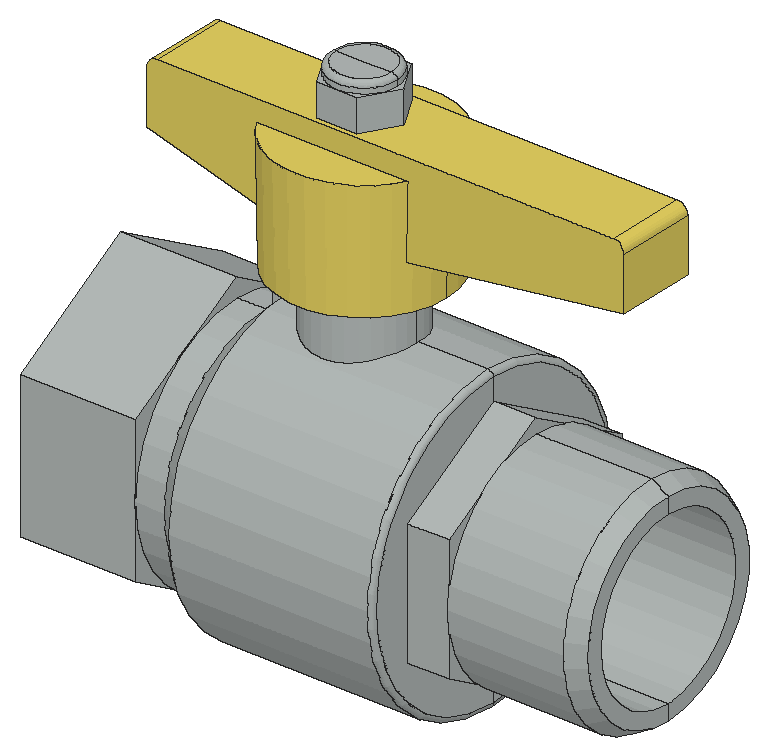
Revit family "QP12210000", category Apparecchi idraulici, Revit 2020
Family settings
  Quota connettore circolare = Usa diametro
  Tipo di parte = Normale
  Numero OmniClass = 23.45.00.00
  Titolo OmniClass = Sanitary, Laundry, and Cleaning Equipment
  Basato su piano di lavoro = No
  Sempre verticale = Sì
  Taglio con vuoti quando caricato = No
  Condiviso = No
  Punto di calcolo locali = No
Parameters
  URL = "https://web.cimberio.com/index.php/figura/823?subcategoria_id="
  Temperatura di esercizio = "-20 ÷ 60°C"
  Prospetto di default = 0 mm
  Produttore = "CIMBERIO SPA"
  Pressione nominale = "MOP 5"
  Modello = "Cim 801FP"
  Materiale = "Prodotto in lega di ottone conforme alla norma EN 12165-CW617N-DW"
  Descrizione = "Utilizzato nell’impiantistica distributiva di gas a bassa pressione per le categorie:\r\nGas naturali: gas derivati dal petrolio (Metano) e gas di ricambio.\r\nGas di città: prodotti secondo i diversi procedimenti (Cracking - Cokerie - ecc.).\r\nGas liquidi: propano e miscele di gas propano/butano"
  DN Model [instance] = QP12211032 : QP12211032
  DN [instance] = 32 mm
  Commenti sul tipo = "Realizzato in ottemperanza ai requisiti gestionali della norma EN ISO 9001.\r\nCollaudato al 100% secondo la normativa EN 12266-1"
Reference planes
  plane 1 "Centro (Fronte/Retro)": y = 0
  plane 2: z = 0
  plane 3 "Centro (Sinistra/Destra)": x = 0
Dimensions and locks
  aligned and locked: level to plane 2
Nested families
  nested 1: "QP12211032" at (0, 0, 0), type <- "DN Model", type "QP12211032"
  nested 2: "QP12211032" at (0, 0, 0), type <- "DN Model", type "QP12211032"
  nested 3: "QP12211032" at (0, 0, 0), type <- "DN Model", type "QP12211032"
  nested 4: "QP12211032" at (0, 0, 0), type <- "DN Model", type "QP12211032"
  nested 5: "QP12211032" at (0, 0, 0), type <- "DN Model", type "QP12211032"
  nested 6: "QP12211032" at (0, 0, 0), type <- "DN Model", type "QP12211032"
Connectors
  piping at (57.35, 0, 0), diameter 32, driven by "DN"
    settings: on nested 1, index 1, connector inside diameter 609.6 mm, connector length 0 mm, flow factor 0, pipe flow 0.0 L/s, pressure drop 0.0 Pa, fitting loss kfactor 0, connector angle 0.00°, fixture units 0, engagement length 0 mm, angle of deflection 0.00°, flow configuration 0, flow direction 0, fitting loss method 0, system type 7, joint type 0, gender type 0, connector reference index -1, connector utility 0, adjustable connector no, is connector primary yes, connector description ""
  piping at (-45.85, 0, 0), diameter 32, driven by "DN"
    settings: on nested 1, index 2, connector inside diameter 609.6 mm, connector length 0 mm, flow factor 0, pipe flow 0.0 L/s, pressure drop 0.0 Pa, fitting loss kfactor 0, connector angle 0.00°, fixture units 0, engagement length 0 mm, angle of deflection 0.00°, flow configuration 0, flow direction 0, fitting loss method 0, system type 7, joint type 0, gender type 0, connector reference index -1, connector utility 0, adjustable connector no, is connector primary no, connector description ""
Definition of nested family "QP12211032"
  Parameters (values of type "QP12211032")
    Default Elevation = 0 mm
  Reference planes
    plane 1 "Centro (Fronte/Retro)": y = 0
    plane 2: z = 0
    plane 3 "Centro (Sinistra/Destra)": x = 0
  Forms (mm)
    Revolve 1, solid
      sketch origin (0, 0, 7.017) x (1, 0, 0) y (0, 0, 1)
        loop
          line (15.647, 30.783) -> (16.086, 53.338) -> (0, 53.338) -> (0, 30.783) -> (15.647, 30.783)
        axis (0, 53.338) -> (0, 30.783)
      angle from 0 to 360
    Extrusion 2, solid
      sketch origin (0, 0, 49.832) x (0.380137, 0.92493, 0) y (-0.92493, 0.380137, 0)
        loop
          line (2.853, -6.941) -> (7.437, -1) -> (4.585, 5.941) -> (-2.853, 6.941) -> (-7.437, 1) -> (-4.585, -5.941) -> (2.853, -6.941)
      from 14.468 to 20.468
    Revolve 3, solid
      sketch origin (0, 0, -1.484) x (1, 0, 0) y (0, 0, 1)
        loop
          line (0, 41.824) -> (0, 11.324) -> (10.003, 11.324) -> (10.003, 41.824) -> (0, 41.824)
        axis (0, 41.824) -> (0, 11.324)
      angle from 0 to 360
    Extrusion 4, solid
      sketch origin (0, 0, -1.484) x (1, 0, 0) y (0, 0, 1)
        loop
          line (-9, 46.284) -> (-16, 46.284) -> (-16, 16.702) -> (-9, 16.702) -> (-9, 46.284)
      from -1.5 to 1.5
    Revolve 5, solid
      sketch origin (0, 0, -1.484) x (1, 0, 0) y (0, 0, 1)
        loop
          line (0, 33.247) -> (-8.299, 33.247) -> (-8.299, 31.791) -> (-7.423, 31.285) -> (-7.423, 30.49) -> (-8.299, 29.984) -> (-8.299, 29.189) -> (-7.423, 28.683) -> (-7.423, 27.74) -> (-8.299, 26.864) -> (-8.299, 25.951) -> (0, 25.951) -> (0, 33.247)
        axis (0, 33.247) -> (0, 25.951)
      angle from 0 to 360
    Revolve 6, solid
      sketch origin (0, 0, 19.055) x (1, 0, 0) y (0, 0, 1)
        loop
          line (0, 53.245) -> (0, 51.245) -> (6.25, 51.245) -> (6.25, 52.245)
          arc (6.25, 52.245) -> (5.957, 52.952) -> (5.25, 53.245) r 1
          line (5.25, 53.245) -> (0, 53.245)
        axis (0, 53.245) -> (0, 51.245)
      angle from 0 to 360
    Revolve 7, solid
      sketch origin (8.503, 0, 0) x (1, 0, 0) y (0, 0, 1)
        loop
          line (45.647, 20.8) -> (23.847, 20.8) -> (23.847, 16) -> (48.847, 16) -> (48.847, 18.952) -> (45.647, 20.8)
        axis (48.847, 0) -> (23.847, 0)
      angle from 0 to 360
    Extrusion 8, solid
      sketch origin (-16, 0, 0) x (0, 0, 1) y (0, 1, 0)
        loop
          circle (0, 0) r 16
        loop
          line (27.4, 0) -> (13.7, 23.729) -> (-13.7, 23.729) -> (-27.4, 0) -> (-13.7, -23.729) -> (13.7, -23.729) -> (27.4, 0)
      from 8 to 29.85
    Revolve 9, solid
      sketch origin (0, 0, 0) x (1, 0, 0) y (0, 0, 1)
        loop
          line (-24, -16) -> (-24, -24) -> (-18.5, -24) -> (-14, -28.5) -> (23.35, -28.5)
          arc (23.35, -28.5) -> (24.057, -28.207) -> (24.35, -27.5) r 1
          line (24.35, -27.5) -> (24.35, -16) -> (-24, -16)
        axis (-24, 0) -> (24.35, 0)
      angle from 0 to 360
    Extrusion 10, solid
      sketch origin (0, 0, 0) x (0, 1, 0) y (0, 0, 1)
        loop
          circle (0, 0) r 16
        loop
          line (0, 23.5) -> (-20.352, 11.75) -> (-20.352, -11.75) -> (0, -23.5) -> (20.352, -11.75) -> (20.352, 11.75) -> (0, 23.5)
      from 24.35 to 32.35
    Extrusion 11, solid
      sketch origin (0, 0, 8.501) x (1, 0, 0) y (0, 0, 1)
        loop
          line (-35, 53.799) -> (-35, 43.799) -> (-13.897, 37.769) -> (11.972, 37.769) -> (55, 43.799) -> (55, 53.799)
          arc (55, 53.799) -> (54.414, 55.213) -> (53, 55.799) r 2
          line (53, 55.799) -> (-33, 55.799)
          arc (-33, 55.799) -> (-34.414, 55.213) -> (-35, 53.799) r 2
      from -7.434 to 7.499
  Cuts and joins
    joined: Revolve 3, Extrusion 4
  Dimensions and locks
    aligned and locked: level to plane 2
